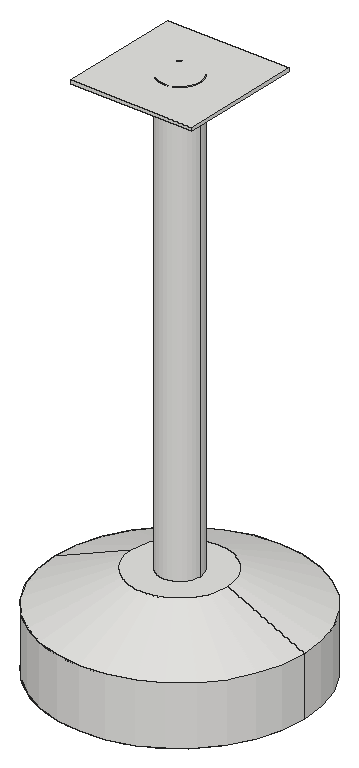
Revit family "Fans_Industrial_Standard-Drive-Fans_Commercial_Large-Diameter-12ft_Apex_Epic-Fans", category Electrical Fixtures, host Ceiling, Revit 2026
Family settings
  Host = Ceiling
  Round Connector Dimension = Use Diameter
  Part Type = Normal
  Classification Number = 23.80.00.00
  Always vertical = Yes
  Cut with Voids When Loaded = No
  Maintain Annotation Orientation = No
  Shared = No
  Room Calculation Point = No
Parameters (values of type "2' Down Tube")
  Model = "Commercial"
  Down Tube = 2' - 0"
  Description = "HVLS Fan"
  Default Elevation = 0' - 0"
Types (10): name | Down Tube
  (no name) | 2' - 0"
  2' Down Tube | 2' - 0"
  3' Down Tube | 3' - 0"
  4' Down Tube | 4' - 0"
  5' Down Tube | 5' - 0"
  6' Down Tube | 6' - 0"
  7' Down Tube | 7' - 0"
  8' Down Tube | 8' - 0"
  9' Down Tube | 9' - 0"
  10' Down Tube | 10' - 0"
Reference planes (in)
  plane 1 "Center (Front/Back)": y = 0
  plane 2 "Ceiling": z = 96
  plane 3 "Center (Left/Right)": x = 0
  plane 4: x = 3.5
  plane 5: x = -3.5
  plane 6: y = 3.5
  plane 7: y = -3.5
  plane 8: z = 70.5
  plane 9: z = 68.625
  plane 10: z = 65.25
  plane 11: z = 63.375
  plane 12: z = 66.9375
  plane 13: z = 94.5
Forms (in)
  Extrusion 1, solid, material "Steel"
    sketch origin (0, 0, 96) x (1, 0, 0) y (0, 1, 0)
      loop
        line (-3.5, 3.5) -> (-3.5, -3.5) -> (3.5, -3.5) -> (3.5, 3.5) -> (-3.5, 3.5)
    from 0 to -0.1875
  Extrusion 2, solid, material "Steel"
    sketch origin (0, 0, 96) x (1, 0, 0) y (0, 1, 0)
      loop
        circle (0, 0) r 1.18687
    from 0 to -25.5
  Blend 3, solid, material "Steel"
    base sketch origin (0, 0, 0) x (1, 0, 0) y (0, 1, 0)
      loop
        circle (0, 0) r 2.75
    top sketch origin (0, 0, 0) x (1, 0, 0) y (0, 1, 0)
      loop
        circle (0, 0) r 7.1875
    from 70.5 to 68.625
  Extrusion 4, solid, material "Steel"
    sketch origin (0, 0, 0) x (1, 0, 0) y (0, 1, 0)
      loop
        circle (0, 0) r 7.1875
    from 68.625 to 65.25
  Blend 5, solid, material "Steel"
    base sketch origin (0, 0, 0) x (1, 0, 0) y (0, 1, 0)
      loop
        circle (0, 0) r 7.1875
    top sketch origin (0, 0, 0) x (1, 0, 0) y (0, 1, 0)
      loop
        circle (0, 0) r 2.75
    from 65.25 to 63.375
Dimensions and locks (in)
  equal spacing: host sketch curve, plane 3 "Center (Left/Right)", host sketch curve
  equal spacing: host sketch curve, plane 1 "Center (Front/Back)", host sketch curve
  host sketch curve to host sketch curve = 10' - 0"  (x2)
  equal spacing: plane 5, plane 3 "Center (Left/Right)", plane 4
  locked: plane 5 to plane 4 at 7
  equal spacing: plane 6, plane 1 "Center (Front/Back)", plane 7
  locked: plane 6 to plane 7 at 7
  locked: plane 9 to plane 8 at 1.875
  locked: plane 10 to plane 9 at 3.375
  locked: plane 11 to plane 10 at 1.875
  equal spacing: plane 8, plane 12, plane 11
  locked: plane 2 "Ceiling" to plane 13 at 1.5
  "Down Tube": plane 13 to plane 8
  radius of Extrusion 2 sketch curve = 0' - 1.18687"
  radius of Blend 3 sketch curve = 0' - 2 3/4"
  radius of Extrusion 4 sketch curve = 0' - 7 3/16"
  radius of Blend 5 sketch curve = 0' - 7 3/16"
  radius of Blend 5 sketch curve = 0' - 2 3/4"
  aligned and locked: Extrusion 1 sketch curve to plane 6
  aligned and locked: Extrusion 1 sketch curve to plane 5
  aligned and locked: plane 7 to Extrusion 1 sketch curve
  aligned and locked: plane 4 to Extrusion 1 sketch curve
  aligned and locked: plane 3 "Center (Left/Right)" to Extrusion 2 sketch curve
  aligned and locked: plane 1 "Center (Front/Back)" to Extrusion 2 sketch curve
  aligned and locked: Extrusion 2 to plane 8
  aligned and locked: plane 1 "Center (Front/Back)" to Blend 3 sketch curve  (x2)
  aligned and locked: plane 3 "Center (Left/Right)" to Blend 3 sketch curve  (x2)
  aligned and locked: plane 8 to Blend 3
  aligned and locked: Blend 3 to plane 9
  aligned and locked: plane 1 "Center (Front/Back)" to Extrusion 4 sketch curve
  aligned and locked: plane 3 "Center (Left/Right)" to Extrusion 4 sketch curve
  aligned and locked: plane 9 to Extrusion 4
  aligned and locked: Extrusion 4 to plane 10
  aligned and locked: plane 3 "Center (Left/Right)" to Blend 5 sketch curve  (x2)
  aligned and locked: plane 1 "Center (Front/Back)" to Blend 5 sketch curve  (x2)
  aligned and locked: plane 10 to Blend 5
  aligned and locked: Blend 5 to plane 11
  aligned and locked: import instance to plane 12
  aligned and locked: plane 3 "Center (Left/Right)" to import instance
  aligned and locked: plane 1 "Center (Front/Back)" to import instance
Automatic sketch dimensions
  radius of Blend 3 sketch curve = 0' - 7 3/16"
